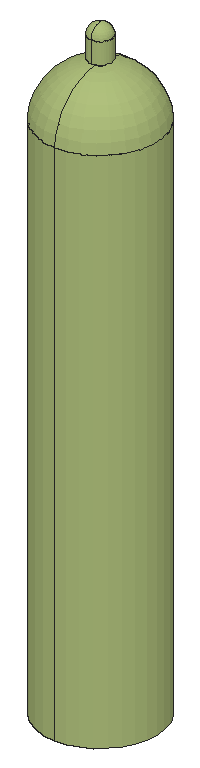
Revit family "Cilindro_Gases", category Specialty Equipment, Revit 2020
Family settings
  Round Connector Dimension = Use Diameter
  Part Type = Normal
  OmniClass Number = 23.40.20.00
  OmniClass Title = General Furniture and Specialties
  Work Plane-Based = No
  Always vertical = Yes
  Cut with Voids When Loaded = No
  Shared = No
  Room Calculation Point = Yes
Parameters
  Nozzle Finish = Metal - Nystrom - Stainless Steel
  Default Elevation = 0.000 m
  Cilindro_Raio [instance] = 0.150 m
Reference planes (m)
  plane 1: z = 0
  plane 2 "Eixo_Y": x = 0
  plane 3 "Eixo_X": y = -1.434717
Forms (m)
  Revolve 1, solid, material "CT_Cilindro_Gas"
    sketch origin (0.09329, 0, 0) x (0, 1, 0) y (0, 0, 1)
      loop
        line (-1.584717, 1.397705) -> (-1.584717, 0) -> (-1.434717, 0) -> (-1.434717, 1.6279)
        arc (-1.434717, 1.6279) -> (-1.455537, 1.619276) -> (-1.464161, 1.598457) r 0.029443
        line (-1.464161, 1.598457) -> (-1.464161, 1.543457) -> (-1.449161, 1.543457) -> (-1.449161, 1.533262)
        arc (-1.449161, 1.533262) -> (-1.543091, 1.491635) -> (-1.584717, 1.397705) r 0.142706
      axis (-1.434717, 1.6279) -> (-1.434717, 0)
    angle from 0 to 360
Dimensions and locks (m)
  "Cilindro_Raio": Revolve 1 sketch curve to Revolve 1 sketch curve
  aligned and locked: plane 1 to level
  aligned and locked: Revolve 1 to level
Automatic sketch dimensions
  Revolve 1 sketch curve to level = 0.000 m
  Revolve 1 sketch curve to plane 3 "Eixo_X" = 0.000 m  (x2)
  plane 3 "Eixo_X" to Revolve 1 sketch curve = 0.029443 m
  plane 3 "Eixo_X" to Revolve 1 sketch curve = 0.014443 m
  plane 3 "Eixo_X" to Revolve 1 sketch curve = 0.007465 m
  level to Revolve 1 sketch curve = 1.390727 m
  Revolve 1 sketch curve to Revolve 1 sketch curve = 0.006978 m
  Revolve 1 sketch curve to Revolve 1 sketch curve = 0.010195 m
  Revolve 1 sketch curve to Revolve 1 sketch curve = 0.055 m
  level to Revolve 1 sketch curve = 0.450 m
  Revolve 1 sketch curve to Revolve 1 sketch curve = 0.190727 m
